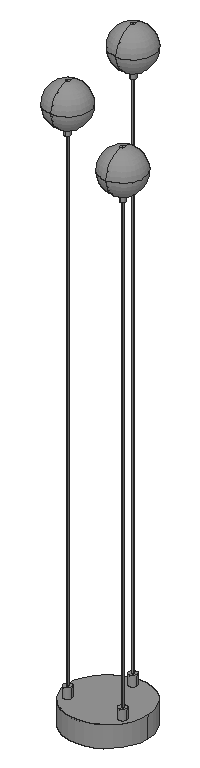
Revit family "Pearl Cluster 15W", category Lighting Fixtures, host Face, Revit 2017
Family settings
  Host = Face
  Round Connector Dimension = Use Diameter
  Part Type = Normal
  OmniClass Number = 23.80.70.11.11
  OmniClass Title = General Luminaries, Non Directional
  Cut with Voids When Loaded = No
  Light Source = No
  Shared = No
  Room Calculation Point = No
Parameters (values of type "Pearl Cluster 15W, Warm White, 230V - 53SI995L015J")
  length3 [instance] = 850 mm
  length2 [instance] = 925 mm
  Wattage Comments = "15W"
  Voltage = 230 V
  URL = "www.winled.fi"
  Type Image = Pearl Cluster .png
  Light source = Pearl light LV : Pearl light LV
  Length3 [instance] = if(length3 < 100 mm, 100 mm, (if(length3 > 1500 mm, 1500 mm, length3)))  # 850 mm
  Length2 [instance] = if(length2 < 100 mm, 100 mm, (if(length2 > 1500 mm, 1500 mm, length2)))  # 925 mm
  Length [instance] = if(length < 100 mm, 100 mm, (if(length > 1500 mm, 1500 mm, length)))  # 1000 mm
  length [instance] = 1000 mm
  Product Number = "53SI995L015J"
  Position Number = ""
  Operating Temperature Range = "-20° to +50°"
  Model = "Pear Cluster 15W"
  Manufacturer = "Winled Oy Ltd"
  Luminaire Angle Install [instance] = if(Luminaire Angle Input < -90.00°, -90.00°, (if(Luminaire Angle Input > 90.00°, 90.00°, Luminaire Angle Input)))  # 0.00°
  Luminaire Angle Input [instance] = 0.00°
  Lumens Output = "1164lm"
  Lifetime L70 = "50000h"
  Last Updated = "8.4.2017"
  Lamp = "LED"
  IP Code = "IP20"
  Housing Material = "Aluminium"
  Driver = "Integrated"
  Directivity = "No"
  Dimmable = "Yes"
  Dimensions = "150mm x 1500mm"
  Description = "Pendant Light"
  Depth = "-"
  Default Elevation = 1219.2 mm
  Cutout = "-"
  Color Temperature = "4000K"
  Casing Color = "White"
  CRI = "82"
  Beam Angle = "160°"
Types (3, lengths in mm): name | Light source | Product Number | Lumens Output
  (no name) | Pearl light LV : Pearl light LV | "53SI995L015J" | "1164lm"
  Pearl Cluster 15W, Neutral White, 230V - 53SI995N015J | Pearl light NV : Pearl light NV | "53SI995N015J" | "1264lm"
  Pearl Cluster 15W, Warm White, 230V - 53SI995L015J | Pearl light LV : Pearl light LV | "53SI995L015J" | "1164lm"
Reference planes
  plane 1 "Center (Front/Back)": y = 0
  plane 2: z = 0
  plane 3 "Center (Left/Right)": x = 0
Lines and regions (mm)
  symbolic lines
    curve 1: circle (0, 0, 0) r 75 normal (0, 0, 1)
    curve 2: line (-53.033, -53.033, 0) -> (53.033, 53.033, 0)
    curve 3: line (53.033, -53.033, 0) -> (-53.033, 53.033, 0)
Dimensions and locks
  aligned and locked: plane 2 to host face
  aligned and locked: level to host face
Nested families
  nested 1: "Pearl light LV" at (-51.604, -29.808, 1074) x (-1, 0, 0) z (0, 0, 1), type <- "Light source", type "Pearl light LV"
  nested 2: "Pearl 15W model" at (0, -0.004, 0), Luminaire Angle <- "Luminaire Angle Install", Length <- "Length", Length2 <- "Length2", Length3 <- "Length3", type "Pearl 15W model"
    with length 1000 mm, k1 45.00°, Luminaire Angle 0.00°, Length3 850 mm, Length2 925 mm, Length 1000 mm
  nested 3: "Pearl light LV" at (51.615, -29.807, 999) x (-1, 0, 0) z (0, 0, 1), type <- "Light source", type "Pearl light LV"
  nested 4: "Pearl light LV" at (-0.018, 58.59, 1149) x (-1, -0.0001, 0) z (0, 0, 1), type <- "Light source", type "Pearl light LV"
Connectors
  electrical at (0, -0.004, 0)
    settings: on nested 2, index 1, voltage 230 V, apparent load 0 VA, apparent load phase1 15 VA, apparent load phase2 0 VA, apparent load phase3 0 VA, power factor 1, load classification "Lighting", number of poles 1, system type 31, power factor state 1, is connector primary yes, connector utility no, sub classification motor no, connector description ""
Definition of nested family "Pearl 15W model"
  Parameters (values of type "Pearl 15W model")
    Length3 [instance] = 1200 mm
    Length2 [instance] = 1200 mm
    Length [instance] = 1200 mm
    k1 [instance] = if(Luminaire Angle < -90.00°, -45.00°, (if(Luminaire Angle > 90.00°, 135.00°, Luminaire Angle + 45.00°)))  # 45.00°
    length [instance] = 1000 mm
    Luminaire Angle [instance] = 0.00°
  Reference planes
    plane 1 "Center (Front/Back)": y = 0
    plane 2: z = 0
    plane 3 "Center (Left/Right)": x = 0
  Forms (mm)
    Extrusion 1, solid
      sketch origin (0, 0, 0) x (1, 0, 0) y (0, 1, 0)
        loop
          circle (0, 0) r 75
      from 0 to 40
    Extrusion 2, solid
      sketch origin (0, 0, 0) x (1, 0, 0) y (0, 1, 0)
        loop
          line (-1, 58.6) -> (1, 58.6) -> (1, 59.6) -> (-1, 59.6) -> (-1, 58.6)
        loop
          line (-52.615, -29.8) -> (-50.615, -29.8) -> (-50.615, -28.8) -> (-52.615, -28.8) -> (-52.615, -29.8)
        loop
          line (50.615, -29.8) -> (52.615, -29.8) -> (52.615, -28.8) -> (50.615, -28.8) -> (50.615, -29.8)
      from 45 to 40
    Extrusion 3, solid
      sketch origin (0, 0, 0) x (1, 0, 0) y (0, 1, 0)
        loop
          circle (0, 58.6) r 7.3
        loop
          circle (51.615, -29.8) r 7.3
        loop
          circle (-51.615, -29.8) r 7.3
      from 58 to 40
    Revolve 4, solid
      sketch origin (0, 58.6, 58) x (0.707107, 0, 0.707107) y (-0.707107, 0, 0.707107)
        loop
          line (0.707, 0.707) -> (-2.828, -2.828) -> (-2.121, -3.536) -> (1.414, 0) -> (0.707, 0.707)
        axis (0.707, 0.707) -> (-2.828, -2.828)
      angle from 0 to 360
    Extrusion 5, solid
      sketch origin (0, 58.6, 59) x (1, 0, 0) y (0, 1, 0)
        loop
          circle (0, 0) r 1
      from 0 to 1200 <- "Length"
    Revolve 6, solid
      sketch origin (-51.615, -29.8, 58) x (0.707107, 0, 0.707107) y (-0.707107, 0, 0.707107)
        loop
          line (0.707, 0.707) -> (-2.828, -2.828) -> (-2.121, -3.536) -> (1.414, 0) -> (0.707, 0.707)
        axis (-2.828, -2.828) -> (0.707, 0.707)
      angle from 0 to 360
    Extrusion 7, solid
      sketch origin (-51.615, -29.8, 59) x (1, 0, 0) y (0, 1, 0)
        loop
          circle (0, 0) r 1
      from 0 to 1200 <- "Length2"
    Revolve 8, solid
      sketch origin (51.615, -29.8, 58) x (0.707107, 0, 0.707107) y (-0.707107, 0, 0.707107)
        loop
          line (0.707, 0.707) -> (-2.828, -2.828) -> (-2.121, -3.536) -> (1.414, 0) -> (0.707, 0.707)
        axis (-2.828, -2.828) -> (0.707, 0.707)
      angle from 0 to 360
    Extrusion 9, solid
      sketch origin (51.615, -29.8, 59) x (1, 0, 0) y (0, 1, 0)
        loop
          circle (0, 0) r 1
      from 0 to 1200 <- "Length3"
  Lines and regions (mm)
    reference lines
      curve 1: line (0, 58.6, 0) -> (0, 58.6, 90)
      curve 2: line (12.041, 58.6, 58) -> (0, 58.6, 58)
      curve 3: line (0, 58.6, 58) -> (12.779, 58.6, 70.779)
      curve 4: line (-51.615, -29.8, 0) -> (-51.615, -29.8, 90)
      curve 5: line (-41.615, -29.8, 58) -> (-51.615, -29.8, 58)
      curve 6: line (-51.615, -29.8, 58) -> (-36.082, -29.8, 73.533)
      curve 7: line (51.615, -29.8, 0) -> (51.615, -29.8, 90)
      curve 8: line (61.615, -29.8, 58) -> (51.615, -29.8, 58)
      curve 9: line (51.615, -29.8, 58) -> (67.2, -29.8, 73.585)
  Dimensions and locks
    "k1": angle curve 2 to curve 3
    "k1": angle curve 5 to curve 6
    "k1": angle curve 8 to curve 9
    aligned and locked: level to plane 2
    aligned and locked: Extrusion 1 to curve 1
    aligned and locked: curve 1 to curve 3
    aligned and locked: Extrusion 1 to curve 4
    aligned and locked: curve 4 to curve 6
    aligned and locked: Extrusion 1 to curve 7
    aligned and locked: curve 7 to curve 9
  Automatic sketch dimensions
    plane 1 "Center (Front/Back)" to Extrusion 1 sketch curve = 0 mm
    Extrusion 1 sketch curve to plane 3 "Center (Left/Right)" = 0 mm
    Extrusion 2 sketch curve to plane 3 "Center (Left/Right)" = 52.615 mm
    Extrusion 2 sketch curve to Extrusion 2 sketch curve = 2 mm  (x2)
    Extrusion 2 sketch curve to plane 3 "Center (Left/Right)" = 1 mm
    plane 3 "Center (Left/Right)" to Extrusion 2 sketch curve = 1 mm
    plane 3 "Center (Left/Right)" to Extrusion 2 sketch curve = 50.615 mm
    plane 1 "Center (Front/Back)" to Extrusion 2 sketch curve = 29.8 mm  (x2)
    Extrusion 2 sketch curve to Extrusion 2 sketch curve = 1 mm  (x3)
    Extrusion 2 sketch curve to plane 1 "Center (Front/Back)" = 58.6 mm
    Extrusion 3 sketch curve to plane 3 "Center (Left/Right)" = 0 mm
    Extrusion 3 sketch curve to plane 3 "Center (Left/Right)" = 51.615 mm
    plane 3 "Center (Left/Right)" to Extrusion 3 sketch curve = 51.615 mm
    plane 1 "Center (Front/Back)" to Extrusion 3 sketch curve = 29.8 mm  (x2)
    Extrusion 3 sketch curve to plane 1 "Center (Front/Back)" = 58.6 mm
    curve 1 to curve 1 = 90 mm
    Revolve 4 sketch curve to curve 3 = 0 mm
    Revolve 4 sketch curve to curve 3 = 2.828 mm
    Revolve 4 sketch curve to Revolve 4 sketch curve = 0.707 mm
    curve 3 to Revolve 4 sketch curve = 0.707 mm
    curve 3 to Revolve 4 sketch curve = 2.828 mm
    Revolve 4 sketch curve to Revolve 4 sketch curve = 0 mm  (x4)
    curve 4 to curve 4 = 90 mm
    Revolve 6 sketch curve to curve 6 = 0 mm
    Revolve 6 sketch curve to curve 6 = 2.828 mm
    Revolve 6 sketch curve to Revolve 6 sketch curve = 0.707 mm
    curve 6 to Revolve 6 sketch curve = 0.707 mm
    curve 6 to Revolve 6 sketch curve = 2.828 mm
    Revolve 6 sketch curve to Revolve 6 sketch curve = 0 mm  (x2)
    Revolve 6 sketch curve to Revolve 6 sketch curve = 0.5 mm  (x2)
    curve 7 to curve 7 = 90 mm
    Revolve 8 sketch curve to curve 9 = 0 mm
    Revolve 8 sketch curve to curve 9 = 2.828 mm
    Revolve 8 sketch curve to Revolve 8 sketch curve = 0.707 mm
    curve 9 to Revolve 8 sketch curve = 0.707 mm
    curve 9 to Revolve 8 sketch curve = 2.828 mm
    Revolve 8 sketch curve to Revolve 8 sketch curve = 0 mm  (x2)
    Revolve 8 sketch curve to Revolve 8 sketch curve = 1.29 mm  (x2)
    curve 2 to curve 1 = 32 mm
    curve 5 to curve 4 = 32 mm
    curve 8 to curve 7 = 32 mm
    radius of Extrusion 1 sketch curve = 75 mm
    radius of Extrusion 3 sketch curve = 7.3 mm  (x3)
    radius of Extrusion 5 sketch curve to Revolve 4 = 0 mm
    radius of Extrusion 7 sketch curve to Revolve 6 = 0 mm
    radius of Extrusion 9 sketch curve to Revolve 8 = 0 mm
  Nested families
    nested 1: "Pearl" at (0, 58.6, 1259) x (-1, 0, 0) z (0, 0, 1), type "Pearl"
    nested 2: "Pearl" at (-51.615, -29.8, 1259) x (-1, 0, 0) z (0, 0, 1), type "Pearl"
    nested 3: "Pearl" at (51.615, -29.8, 1259) x (-1, 0, 0) z (0, 0, 1), type "Pearl"
  Definition of nested family "Pearl"
    Parameters (values of type "Pearl")
      Default Elevation = 1219.2 mm
    Reference planes
      plane 1 "Center (Front/Back)": y = 0
      plane 2: z = 0
      plane 3 "Center (Left/Right)": x = 0
    Forms (mm)
      Extrusion 1, solid
        sketch origin (0, 0, 0) x (1, 0, 0) y (0, 1, 0)
          loop
            line (-1219.2, 1219.2) -> (-1219.2, -1219.2) -> (1219.2, -1219.2) -> (1219.2, 1219.2) -> (-1219.2, 1219.2)
        from 0 to -304.8
      Revolve 2, solid
        sketch origin (0, 0, 0) x (0, 1, 0) y (0, 0, 1)
          loop
            line (0, 0) -> (0, 51) -> (0, 90) -> (-1, 90) -> (-4.096, 89.784)
            arc (-4.096, 89.784) -> (-28.989, 77.089) -> (-39, 51) r 39
            arc (-39, 51) -> (-29.292, 25.251) -> (-5, 12.322) r 39
            line (-5, 12.322) -> (-5, 0) -> (0, 0)
          axis (0, 0) -> (0, 90)
        angle from 0 to 360
    Dimensions and locks
      aligned and locked: plane 2 to Extrusion 1
      aligned and locked: level to Extrusion 1
Definition of nested family "Pearl light LV"
  Parameters (values of type "Pearl light LV")
    Wattage = 5 W
    built-in parameter 1150110 = 1 (stored number, unit not read)
    built-in parameter 1114217 = 1 (stored number, unit not read)
    Tilt Angle = -90.00°
    built-in parameter 1150109 = 1 (stored number, unit not read)
    built-in parameter 1150134 = (empty or 0)
    built-in parameter 1150113 = 1 (stored number, unit not read)
    Photometric Web File = "Pearl single LV.ies"
    built-in parameter 1150105 = 30.876 (stored number, unit not read)
    Lumens = 388 lm
    built-in parameter 1150115 = 1 (stored number, unit not read)
    built-in parameter 1150137 = (empty or 0)
    built-in parameter 1150139 = (empty or 0)
    built-in parameter 1150112 = 1 (stored number, unit not read)
    built-in parameter 1150114 = 1 (stored number, unit not read)
    built-in parameter 1150132 = (empty or 0)
    built-in parameter 1150102 = (empty or 0)
    built-in parameter 1150107 = 3000 (stored number, unit not read)
    built-in parameter 1150138 = (empty or 0)
    built-in parameter 1150106 = 0.30876 (stored number, unit not read)
    built-in parameter 1150104 = 7.2093 (stored number, unit not read)
    Dimming Lamp Color Temperature Shift = (empty or 0)
    Default Elevation = 1219.2 mm
    Color Filter = 16777215
    built-in parameter 1114218 = 1 (stored number, unit not read)
    built-in parameter 1150133 = 10 (stored number, unit not read)
  Reference planes
    plane 1 "Center (Front/Back)": y = 0
    plane 2: z = 0
    plane 3 "Center (Left/Right)": x = 0
  Forms (mm)
    Extrusion 1, solid
      sketch origin (0, 0, 0) x (1, 0, 0) y (0, 1, 0)
        loop
          line (-1219.2, 1219.2) -> (-1219.2, -1219.2) -> (1219.2, -1219.2) -> (1219.2, 1219.2) -> (-1219.2, 1219.2)
      from 0 to -304.8
  Dimensions and locks
    aligned and locked: plane 2 to Extrusion 1
    aligned and locked: level to Extrusion 1
